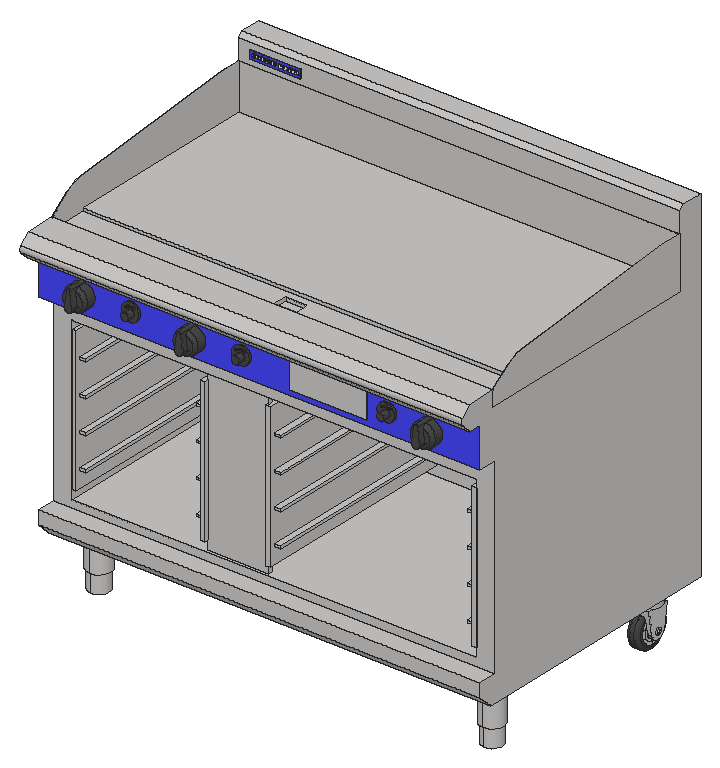
Revit family "QF_MOFFAT_BLUESEAL_CE_GP518-CB", category Specialty Equipment, Revit 2012 (continued)
Definition of nested family "WALDORF LOGO_FACE BASE"
  Forms (mm)
    Extrusion 3, solid, material "QF_Finishes_White", visible <- "Show Logo"
      sketch origin (0, -33.217, 1.588) x (1, 0, 0) y (0, 1, 0)
        loop
          arc (43.663, 19.049) -> (44.215, 17.716) -> (45.548, 17.163) r 1.885
          line (45.548, 17.163) -> (55.71, 17.163)
          arc (55.71, 17.163) -> (57.045, 17.716) -> (57.598, 19.051) r 1.887
          line (57.598, 19.051) -> (57.598, 25.919)
        loop
          line (31.62, 25.919) -> (31.62, 17.163) -> (43.046, 17.163) -> (43.046, 19.129) -> (37.388, 19.129) -> (37.388, 25.919) -> (31.62, 25.919)
        loop
          line (15.969, 25.919) -> (15.969, 17.163) -> (28.693, 17.163)
          arc (28.693, 17.163) -> (29.812, 17.627) -> (30.276, 18.746) r 1.582
          line (30.276, 18.746) -> (30.276, 20.447) -> (29.48, 21.243) -> (30.276, 22.039) -> (30.276, 24.332)
          arc (30.276, 24.332) -> (29.811, 25.454) -> (28.688, 25.919) r 1.587
          line (28.688, 25.919) -> (15.969, 25.919)
        loop
          line (21.449, 24.159) -> (21.449, 22.436) -> (23.862, 22.436)
          arc (23.862, 22.436) -> (24.723, 23.298) -> (23.862, 24.159) r 0.861
          line (23.862, 24.159) -> (21.449, 24.159)
        loop
          line (21.449, 20.244) -> (21.449, 18.522) -> (23.862, 18.522)
          arc (23.862, 18.522) -> (24.723, 19.383) -> (23.862, 20.244) r 0.861
          line (23.862, 20.244) -> (21.449, 20.244)
      from 0 to 0.2
    Extrusion 4, solid, material "QF_Finishes_Blue", visible <- "Show Logo"
      sketch origin (-126.498, -31.09, 1.588) x (1, 0, 0) y (0, 1, 0)
        loop
          line (136.738, 23.522) -> (136.738, 15.1)
          arc (136.738, 15.1) -> (140.756, 19.311) -> (136.738, 23.522) r 4.216
      from 0 to 0.2
    Extrusion 5, solid, material "QF_Finishes_Red", visible <- "Show Logo"
      sketch origin (146.849, -31.09, 1.588) x (-1, 0, 0) y (0, -1, 0)
        loop
          arc (136.738, -23.522) -> (140.756, -19.311) -> (136.738, -15.1) r 4.216
          line (136.738, -15.1) -> (136.738, -23.522)
      from 0 to 0.2
  Lines and regions (mm)
    Split face 1
      outline origin (-90.35, -30.793, 1.588) x (1, 0, 0) y (0, 1, 0)
        loop
          circle (100.54, 19.013) r 4.536
  Dimensions and locks
    aligned and locked: plane 2 to Extrusion 1
    aligned and locked: level to Extrusion 1
Definition of nested family "GAS GRIDDLE 1200"
  Parameters (values of type "GAS GRIDDLE 1200")
    Width [instance] = 1200.0 mm
    Weight in Pounds = 0
    Watts = 0 W
    Volts = 0 V
    URL Cutsheet = ""
    Type Mark [instance] = ""
    Status [instance] = ""
    Specification by User [instance] = ""
    Specification by Manufacturer = ""
    Show Clearance [instance] = yes
    Serial Number = ""
    Seismic Rating = ""
    SMACNA No = ""
    Revision Code [instance] = ""
    Phase = 1
    Omniclass Number and Title = ""
    Number of Poles [instance] = 1
    NAFEM Spec ID Number = ""
    Min Ckt Ampacity = 0 A
    Mechanical Remarks [instance] = ""
    Mechanical Connection Type [instance] = ""
    Max Overcurrent Protection = 0 A
    Masterspec = ""
    Item Number [instance] = ""
    Installed By [instance] = ""
    Identify Quantity as Lot [instance] = yes
    HP = ""
    Gas Size = 0"
    Gas RI Height [instance] = 0.0 mm
    Gas KW [instance] = 0
    Gas Input [instance] = 0.0 Btu/h
    Gas Connection Height = 0.0 mm
    Furnished By [instance] = ""
    Foodservice Equipment Identifier [instance] = yes
    FL Amps = 0 A
    Electrical Remarks [instance] = ""
    Electric Connection Type [instance] = ""
    Elec Conn RI Height [instance] = 0.0 mm
    Elec Conn Connection Height [instance] = 0.0 mm
    Depth [instance] = 635.0 mm
    Cycle = 0 Hz
    Conn Plug = ""
    Conn Conduit = yes
    CSI MasterFormat = ""
    CSI Master Format = ""
    Apparent Power = if(Phase = 3, Volts * FL Amps * 1.73, Volts * FL Amps)  # 0 VA
  Reference planes
    plane 1 "BACK": y = 0
    plane 2: z = 0
    plane 3 "LEFT": x = 0
    plane 4 "RIGHT": x = 1200
    plane 5 "FRONT": y = -635
    plane 6 "TOP": z = 142.5
    plane 7 "Center Y": x = 600
    plane 8 "Center X": y = -317.5
    plane 9: y = -530.997
    plane 10: y = -541.497
    plane 11: y = -503.25
    plane 12: y = -557.737
  Forms (mm)
    Extrusion 1, solid, material "QF_Finishes_Stainless Steel"
      sketch origin (0, 70.003, -874.5) x (0, 1, 0) y (0, 0, 1)
        loop
          line (-70, 875) -> (-70, 1017) -> (-127.048, 1017) -> (-604.533, 971.023)
          arc (-604.533, 971.023) -> (-629.56, 965.303) -> (-652.306, 953.399) r 100
          line (-652.306, 953.399) -> (-705.003, 916.5) -> (-705.003, 875) -> (-70, 875)
      from 0 to 1.8
    Extrusion 2, solid, material "QF_Finishes_Stainless Steel"
      sketch origin (600, 70.003, -874.5) x (0, -1, 0) y (0, 0, 1)
        loop
          line (70, 875) -> (705.003, 875) -> (705.003, 916.5) -> (652.306, 953.399)
          arc (652.306, 953.399) -> (629.56, 965.303) -> (604.533, 971.023) r 100
          line (604.533, 971.023) -> (127.048, 1017) -> (70, 1017) -> (70, 875)
      from -600 to -598.8
    Extrusion 3, solid, material "QF_Finishes_Stainless Steel"
      sketch origin (150, 70.003, -874.5) x (0, 1, 0) y (0, 0, 1)
        loop
          line (-70.003, 894) -> (-602.103, 894) -> (-602.103, 884.5) -> (-683.795, 884.5) -> (-683.795, 895) -> (-705.003, 895) -> (-705.003, 875) -> (-70.003, 875) -> (-70.003, 894)
      from -148.2 to 1048.8
    Extrusion 4, void
      sketch origin (150, -561.497, 10) x (0, -1, 0) y (1, 0, 0)
        loop
          line (-9.205, 420) -> (29.295, 420) -> (29.295, 480) -> (-9.205, 480) -> (-9.205, 420)
      from -41.4 to 40.142
    Extrusion 5, solid, material "QF_Finishes_Stainless Steel"
      sketch origin (0, 0, 0) x (1, 0, 0) y (0, 1, 0)
        loop
          line (1.8, 0) -> (1.8, -1.2) -> (1198.8, -1.2) -> (1198.8, 0) -> (1.8, 0)
      from 19.5 to 142.5
  Cuts and joins
    Extrusion 4 cuts Extrusion 3
    joined: Extrusion 1, Extrusion 2, Extrusion 3
  Lines and regions (mm)
    symbolic lines
      curve 1: line (1200, -532.1, 0) -> (0, -532.1, 0)
      curve 2: line (0, -613.792, 0) -> (1200, -613.792, 0)
      curve 3: line (0, 0, 0) -> (1200, 0, 0)
      curve 4: line (1200, 0, 0) -> (1200, -635, 0)
      curve 5: line (0, -635, 0) -> (0, 0, 0)
      curve 6: line (0, -635, 0) -> (1200, -635, 0)
      curve 7: line (570, -552.292, 0) -> (630, -552.292, 0)
      curve 8: line (570, -590.792, 0) -> (570, -552.292, 0)
      curve 9: line (630, -590.792, 0) -> (570, -590.792, 0)
      curve 10: line (630, -552.292, 0) -> (630, -590.792, 0)
  Dimensions and locks
    equal spacing: plane 3 "LEFT", plane 7 "Center Y", plane 4 "RIGHT"
    "Width": plane 3 "LEFT" to plane 4 "RIGHT"
    equal spacing: plane 5 "FRONT", plane 8 "Center X", plane 1 "BACK"
    "Depth": plane 5 "FRONT" to plane 1 "BACK"
    locked: Extrusion 2 to Extrusion 2 at 1.2
    aligned and locked: level to plane 2
    aligned and locked: Extrusion 2 to plane 4 "RIGHT"
    aligned and locked: cut or joined group of Extrusion 1, Extrusion 2, Extrusion 3, Extrusion 4 to cut or joined group of Extrusion 1, Extrusion 2, Extrusion 3, Extrusion 4
  Automatic sketch dimensions
    Extrusion 1 sketch curve to plane 5 "FRONT" = 0.0 mm
    Extrusion 1 sketch curve to plane 6 "TOP" = 0.0 mm
    plane 12 to Extrusion 1 sketch curve = 24.566 mm
    Extrusion 1 sketch curve to plane 12 = 23.207 mm
    Extrusion 1 sketch curve to level = 3.016 mm
    plane 11 to Extrusion 1 sketch curve = 21.695 mm
    plane 1 "BACK" to Extrusion 1 sketch curve = 57.045 mm
    Extrusion 1 sketch curve to plane 1 "BACK" = 0.003 mm
    level to Extrusion 1 sketch curve = 0.5 mm
    Extrusion 1 sketch curve to Extrusion 1 sketch curve = 41.5 mm
    Extrusion 1 sketch curve to plane 6 "TOP" = 63.601 mm
    Extrusion 2 sketch curve to plane 6 "TOP" = 0.0 mm
    Extrusion 2 sketch curve to plane 5 "FRONT" = 0.0 mm
    plane 12 to Extrusion 2 sketch curve = 24.566 mm
    Extrusion 2 sketch curve to plane 12 = 23.207 mm
    Extrusion 2 sketch curve to level = 3.016 mm
    plane 11 to Extrusion 2 sketch curve = 21.695 mm
    plane 1 "BACK" to Extrusion 2 sketch curve = 57.045 mm
    Extrusion 2 sketch curve to plane 1 "BACK" = 0.003 mm
    level to Extrusion 2 sketch curve = 0.5 mm
    Extrusion 2 sketch curve to Extrusion 2 sketch curve = 41.5 mm
    Extrusion 2 sketch curve to plane 6 "TOP" = 63.601 mm
    Extrusion 3 sketch curve to plane 5 "FRONT" = 0.0 mm
    Extrusion 3 sketch curve to plane 1 "BACK" = 0.0 mm
    level to Extrusion 3 sketch curve = 10.0 mm
    Extrusion 3 sketch curve to plane 5 "FRONT" = 21.208 mm
    plane 9 to Extrusion 3 sketch curve = 1.103 mm
    level to Extrusion 3 sketch curve = 0.5 mm
    Extrusion 3 sketch curve to Extrusion 3 sketch curve = 10.5 mm
    Extrusion 3 sketch curve to Extrusion 3 sketch curve = 9.5 mm
    Extrusion 4 sketch curve to plane 12 = 5.445 mm
    plane 12 to Extrusion 4 sketch curve = 33.055 mm
    Extrusion 4 sketch curve to plane 7 "Center Y" = 30.0 mm
    Extrusion 4 sketch curve to Extrusion 4 sketch curve = 60.0 mm
    plane 1 "BACK" to Extrusion 5 sketch curve = 0.0 mm
    plane 3 "LEFT" to Extrusion 5 sketch curve = 1.8 mm
    plane 4 "RIGHT" to Extrusion 5 sketch curve = 1.2 mm
    Extrusion 5 sketch curve to Extrusion 5 sketch curve = 1.2 mm
    curve 6 to plane 3 "LEFT" = 0.0 mm
    curve 4 to plane 4 "RIGHT" = 0.0 mm
    plane 5 "FRONT" to curve 6 = 0.0 mm
    plane 1 "BACK" to curve 3 = 0.0 mm
    curve 8 to plane 12 = 5.445 mm
    curve 8 to plane 7 "Center Y" = 30.0 mm
    curve 7 to curve 10 = 60.0 mm
    curve 2 to plane 5 "FRONT" = 21.208 mm
    plane 12 to curve 9 = 33.055 mm
    curve 1 to plane 12 = 25.637 mm
